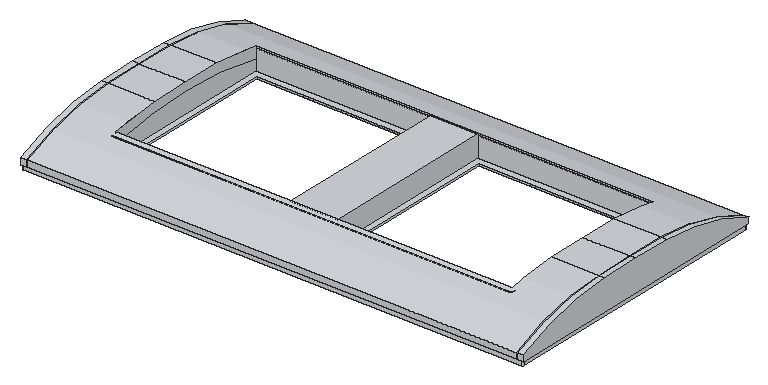
Revit family "Gira_021250", category Electrical Fixtures, host Face, Revit 2017
Family settings
  Host = Face
  Maintain Annotation Orientation = No
  Round Connector Dimension = Use Diameter
  Part Type = Normal
  Cut with Voids When Loaded = No
  Shared = No
  Room Calculation Point = No
Parameters (values of type "Cov.fr. 2-g interm.fr. CAl Gira Event Opaque white")
  With mounting grid = "No"
  With hinged lid = "No"
  URL = "http://katalog.gira.de/en/datenblatt.html?artikelnr=021250"
  Transparent = "No"
  Surface protection = "Other"
  Suitable for wall duct = "No"
  Suitable for flush-mounted installation = "Yes"
  Suitable for floor box = "No"
  Suitable for built-in installation = "No"
  Number of units vertical = "2"
  Number of units horizontal = "2"
  Number of units = "2"
  Name = "Cov.fr. 2-g interm.fr. CAl Gira Event Opaque white"
  Mounting direction = "Horizontal and vertical"
  Material quality = "Thermoplastic"
  Material = "Plastic"
  Manufacturer URL = "https://www.gira.de/"
  Manufacturer = "Gira"
  Label space/information surface = "No"
  Keynote = ""
  HeinzeBIM = "https://bimportal.heinze.de/bim/cov-fr-2-g-interm-fr-cal-gira-event-opaque-white/774bb21834e30b79100a65e2642a8309f3450fce"
  Halogen free = "Yes"
  HAN = "021250"
  GTIN = "4010337212508"
  Description = "Cov.fr.2g i.fr.CAl EvOp WH,Gira Event Opaque frames,white with colour aluminium intermediate frame,2-gang,Features:,- Shatter-proof."
  Degree of protection (IP) = "IP20"
  Default Elevation = 1219.2 mm
  Data sheet (1) = "https://katalog.gira.de/en/download.html?artikelnr=021250"
  Colour = "White"
  Category = "Cover frame for domestic switching devices"
  BIM (1) = "https://media.stage.bim.site/public/gira/36a6b08/Event_Rahmen_2fach.rfa"
  Available = "No"
Reference planes
  plane 1 "Center (Front/Back)": y = 0
  plane 2: z = 0
  plane 3 "Center (Left/Right)": x = 0
Forms (mm)
  Extrusion 1, solid, detail levels fine
    sketch origin (0, 0, 0.05) x (0, 1, 0) y (0, 0, 1)
      loop
        arc (12.445, 9.683) -> (6.223, 9.833) -> (0, 9.85) r 291.636
        arc (0, 9.85) -> (-6.223, 9.833) -> (-12.445, 9.683) r 291.636
        arc (-12.445, 9.683) -> (-29.14, 7.482) -> (-45, 1.823) r 79.728
        line (-45, 1.823) -> (-45, -0.05) -> (-42.086, -0.05)
        arc (-42.086, -0.05) -> (-21.385, 5.559) -> (0, 7.206) r 114.424
        arc (0, 7.206) -> (21.385, 5.559) -> (42.086, -0.05) r 114.424
        line (42.086, -0.05) -> (45, -0.05) -> (45, 1.823)
        arc (45, 1.823) -> (29.14, 7.482) -> (12.445, 9.683) r 79.728
    from -78.55 to 78.55
  Extrusion 2, void, detail levels fine
    sketch origin (0, 0, 0) x (1, 0, 0) y (0, 1, 0)
      loop
        line (-63.55, -27.937) -> (63.55, -27.937) -> (63.55, 28.063) -> (-63.55, 28.063) -> (-63.55, -27.937)
    from 0.724 to 11
  Extrusion 3, solid, detail levels coarse
    sketch origin (0, 0, 0) x (1, 0, 0) y (0, 1, 0)
      loop
        line (-80.55, 45) -> (-80.55, -45) -> (80.55, -45) -> (80.55, 45) -> (-80.55, 45)
    from -1.5 to 9.9
  Extrusion 4, solid, detail levels medium
    sketch origin (0, 0, 0.05) x (0, 1, 0) y (0, 0, 1)
      loop
        arc (12.445, 9.683) -> (6.223, 9.833) -> (0, 9.85) r 291.636
        arc (0, 9.85) -> (-6.223, 9.833) -> (-12.445, 9.683) r 291.636
        arc (-12.445, 9.683) -> (-29.14, 7.482) -> (-45, 1.823) r 79.728
        line (-45, 1.823) -> (-45, -0.05) -> (45, -0.05) -> (45, 1.823)
        arc (45, 1.823) -> (29.14, 7.482) -> (12.445, 9.683) r 79.728
    from -80.55 to 80.55
  Extrusion 5, solid, detail levels fine
    sketch origin (-35.55, 0, -1.5) x (0, 1, 0) y (0, 0, -1)
      loop
        line (45, -3.373) -> (45, -1.5) -> (-45, -1.5) -> (-45, -3.373)
        arc (-45, -3.373) -> (-29.14, -9.032) -> (-12.445, -11.233) r 79.728
        arc (-12.445, -11.233) -> (-6.223, -11.383) -> (0, -11.4) r 291.636
        arc (0, -11.4) -> (6.223, -11.383) -> (12.445, -11.233) r 291.636
        arc (12.445, -11.233) -> (29.14, -9.032) -> (45, -3.373) r 79.728
    from 43 to 45
  Extrusion 6, solid, detail levels fine
    sketch origin (0, 0, 0) x (1, 0, 0) y (0, 1, 0)
      loop
        line (-61.45, 25.7) -> (-61.45, -25.7) -> (-9.65, -25.7) -> (-9.65, 25.7) -> (-61.45, 25.7)
      loop
        line (61.45, -25.7) -> (61.45, 25.7) -> (9.65, 25.7) -> (9.65, -25.7) -> (61.45, -25.7)
      loop
        line (-64.445, 28.49) -> (-64.445, -28.495)
        spline (-64.445, -28.495) -> (-64.436, -28.625) -> (-64.411, -28.754) -> (-64.369, -28.878) -> (-64.311, -28.995) -> (-64.238, -29.104) -> (-64.152, -29.202) -> (-64.054, -29.288) -> (-63.945, -29.361) -> (-63.828, -29.419) -> (-63.704, -29.461) -> (-63.575, -29.486) -> (-63.445, -29.495)
        line (-63.445, -29.495) -> (63.445, -29.495)
        spline (63.445, -29.495) -> (63.575, -29.486) -> (63.704, -29.461) -> (63.828, -29.419) -> (63.945, -29.361) -> (64.054, -29.288) -> (64.152, -29.202) -> (64.238, -29.104) -> (64.311, -28.995) -> (64.369, -28.878) -> (64.411, -28.754) -> (64.436, -28.625) -> (64.445, -28.495)
        line (64.445, -28.495) -> (64.445, 28.49)
        spline (64.445, 28.49) -> (64.436, 28.62) -> (64.411, 28.748) -> (64.369, 28.872) -> (64.311, 28.99) -> (64.238, 29.098) -> (64.152, 29.197) -> (64.054, 29.283) -> (63.945, 29.356) -> (63.828, 29.413) -> (63.704, 29.456) -> (63.575, 29.481) -> (63.445, 29.49)
        line (63.445, 29.49) -> (-63.445, 29.49)
        spline (-63.445, 29.49) -> (-63.575, 29.481) -> (-63.704, 29.456) -> (-63.828, 29.413) -> (-63.945, 29.356) -> (-64.054, 29.283) -> (-64.152, 29.197) -> (-64.238, 29.098) -> (-64.311, 28.99) -> (-64.369, 28.872) -> (-64.411, 28.748) -> (-64.436, 28.62) -> (-64.445, 28.49)
    from 0.1 to 7.3
  Extrusion 7, solid
    sketch origin (0, 0, 0) x (1, 0, 0) y (0, 1, 0)
      loop
        arc (-80.25, -44.2) -> (-80.104, -44.554) -> (-79.75, -44.7) r 0.5
        line (-79.75, -44.7) -> (79.75, -44.7)
        arc (79.75, -44.7) -> (80.104, -44.554) -> (80.25, -44.2) r 0.5
        line (80.25, -44.2) -> (80.25, 44.2)
        arc (80.25, 44.2) -> (80.104, 44.554) -> (79.75, 44.7) r 0.5
        line (79.75, 44.7) -> (-79.75, 44.7)
        arc (-79.75, 44.7) -> (-80.104, 44.554) -> (-80.25, 44.2) r 0.5
        line (-80.25, 44.2) -> (-80.25, -44.2)
      loop
        line (-78.55, 43) -> (-78.55, -43) -> (78.55, -43) -> (78.55, 43) -> (-78.55, 43)
    from -1.5 to 0.5
  Extrusion 8, solid, detail levels fine
    sketch origin (35.55, 0, -1.5) x (0, 1, 0) y (0, 0, 1)
      loop
        arc (45, 3.373) -> (29.14, 9.032) -> (12.445, 11.233) r 79.728
        arc (12.445, 11.233) -> (6.223, 11.383) -> (0, 11.4) r 291.636
        arc (0, 11.4) -> (-6.223, 11.383) -> (-12.445, 11.233) r 291.636
        arc (-12.445, 11.233) -> (-29.14, 9.032) -> (-45, 3.373) r 79.728
        line (-45, 3.373) -> (-45, 1.5) -> (45, 1.5) -> (45, 3.373)
    from 43 to 45
  Extrusion 9, solid, detail levels medium
    sketch origin (0, 0, 0) x (1, 0, 0) y (0, 1, 0)
      loop
        line (-80.25, -44.7) -> (80.25, -44.7) -> (80.25, 44.7) -> (-80.25, 44.7) -> (-80.25, -44.7)
    from -1.5 to 0.5
  Extrusion 10, solid, detail levels fine
    sketch origin (0, 0, 0) x (1, 0, 0) y (0, 1, 0)
      loop
        line (-7.55, 28.063) -> (-7.55, -27.937) -> (7.55, -27.937) -> (7.55, 28.063) -> (-7.55, 28.063)
    from 0.724 to 7.566
Cuts and joins
  Extrusion 2 cuts Extrusion 1
  Extrusion 2 cuts Extrusion 6
Dimensions and locks
  aligned and locked: plane 2 to host face
  aligned and locked: level to host face
